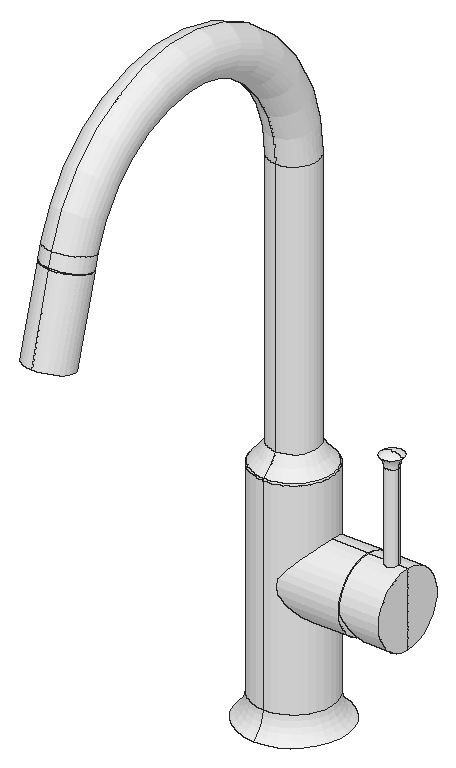
Revit family "Faucet_Single_Control-American_Standard-Pekoe-4332.310", category Plumbing Fixtures, Revit 2019
Family settings
  Round Connector Dimension = Use Diameter
  Part Type = Normal
  OmniClass Number = 23.45.55.14
  OmniClass Title = Single Faucets
  Work Plane-Based = Yes
  Always vertical = No
  Cut with Voids When Loaded = No
  Shared = Yes
  Room Calculation Point = No
Parameters (values of type "4332.310.002")
  Width = 2"
  Waste Connection = no
  WFU = 0
  Vent Connection = no
  URL = "http://www.americanstandard-us.com/"
  Revised Date = "01/27/2017"  # constant formula
  Product URL = "https://www.americanstandard-us.com/kitchens/kitchen-faucets/pekoe-1-handle-bar-sink-faucet-18598"
  Product Documentation Link = "https://www.americanstandard-us.com/-/media/sites/asus/files/product-specs/bulk/specsheet4332400.pdf?la=en"
  Model = "4332.310.002"
  Material = "Brass-American Standard-002-Polished Chrome"
  Manufacturer = "American Standard "
  Length = 5 3/4"
  Height = 10 3/4"
  HWFU = 1.5
  HW Connection = yes
  Finish = Brass-American Standard-002-Polished Chrome
  Description = "Pekoe Single Control Bar Faucet With Hi-Flow Spout."
  Default Elevation = 0"
  CWFU = 1.5
  CW Connection = yes
  Assembly Code = "D2020300"
  ADA Compliant = yes
Types (3): name | Model | Material | Finish
  (no name) | "4332.310.002" | "Brass-American Standard-002-Polished Chrome" | Brass-American Standard-002-Polished Chrome
  4332.310.002 | "4332.310.002" | "Brass-American Standard-002-Polished Chrome" | Brass-American Standard-002-Polished Chrome
  4332.310.075 | "4332.310.075" | "Brass-American Standard-075-Stainless Steel" | Brass-American Standard-075-Stainless Steel
Reference planes (in)
  plane 1 "Center (Front/Back)": y = 0
  plane 2: z = 0
  plane 3 "Center (Left/Right)": x = 0
  plane 4: x = 2.16093
  plane 5: z = 14.75
  plane 6: y = -6.75
  plane 7: z = 9.875
Forms (in)
  Revolve 1, solid, material "Brass-American Standard-002-Polished Chrome" <- "Finish"
    sketch origin (0, 0, 0) x (0, 1, 0) y (0, 0, 1)
      loop
        line (0, 5.45) -> (0, 0) -> (1.10594, 0)
        arc (1.10594, 0) -> (0.90914, 0.21773) -> (0.82878, 0.5) r 0.64702
        line (0.82878, 0.5) -> (0.82878, 5.01378)
        arc (0.82878, 5.01378) -> (0.82476, 5.03293) -> (0.81339, 5.04885) r 0.04767
        arc (0.81339, 5.04885) -> (0.64024, 5.23657) -> (0.5, 5.45) r 1.5613
        line (0.5, 5.45) -> (0, 5.45)
      axis (0, 5.45) -> (0, 0)
    angle from 0 to 360
  Sweep 2, solid, material "Brass-American Standard-002-Polished Chrome" <- "Finish"
    path origin (0, 0, 4) x (0, 1, 0) y (0, 0, 1)
      loop
        line (-6.73425, 5.875) -> (-6.16014, 7.95296)
        arc (-6.16014, 7.95296) -> (-2.71522, 10.22589) -> (0, 7.11763) r 3.13671
        line (0, 7.11763) -> (0, 1.03488)
    profile origin (0, 0, 8.07625) x (1, 0, 0) y (0, 1, 0)
      loop
        circle (0, 0) r 0.5
  Revolve 3, solid, material "Brass-American Standard-002-Polished Chrome" <- "Finish"
    sketch origin (0, 0, 0) x (1, 0, 0) y (0, 0, 1)
      loop
        line (1.62468, 3) -> (0, 3) -> (0, 2.20303) -> (1.62468, 2.20303) -> (1.62468, 3)
      loop
        line (2.50468, 2.20303) -> (2.50468, 3) -> (1.64819, 3) -> (1.64819, 2.20303) -> (2.50468, 2.20303)
      axis (0, 3) -> (2.50468, 3)
    angle from 0 to 360
  Revolve 4, solid, material "Brass-American Standard-002-Polished Chrome" <- "Finish"
    sketch origin (0.15625, 0, 0) x (1, 0, 0) y (0, 0, 1)
      loop
        arc (2.00468, 6) -> (1.88013, 5.98254) -> (1.76804, 5.92547) r 0.38095
        arc (1.76804, 5.92547) -> (1.8395, 5.82296) -> (1.86468, 5.70057) r 0.31
        line (1.86468, 5.70057) -> (1.86468, 3.73289) -> (2.00468, 3.73289) -> (2.00468, 6)
      axis (2.00468, 6) -> (2.00468, 3.73289)
    angle from 0 to 360
  Revolve 5, solid, material "Brass-American Standard-002-Polished Chrome" <- "Finish"
    sketch origin (0, 0, 0) x (1, 0, 0) y (0, 0, 1)
      loop
        arc (0.84627, 3) -> (1.54067, 2.3056) -> (2.23507, 3) r 0.6944
        line (2.23507, 3) -> (0.84627, 3)
      axis (2.23507, 3) -> (0.84627, 3)
    angle from 0 to 360
  Extrusion 6, void
    sketch origin (0.125, 0, 0) x (1, 0, 0) y (0, 0, 1)
      loop
        line (1.49968, 2.15192) -> (2.02148, 2.15192) -> (1.49968, 2.98697) -> (1.49968, 2.15192)
    from -0.91872 to 0.98047
  Extrusion 7, solid, material "Brass-American Standard-002-Polished Chrome" <- "Finish"
    sketch origin (0, 0, 0) x (1, 0, 0) y (0, 1, 0)
      loop
        circle (-0.30061, 0) r 0.1875
      loop
        circle (0.30061, 0) r 0.1875
    from 0 to 0.5
  Extrusion 8, void
    sketch origin (0, -9.09369, 1.33516) x (1, 0, 0) y (0, 0.963888, -0.266308)
      loop
        circle (0, 0) r 0.48279
      loop
        circle (0, 0) r 0.55425
    from 10.68063 to 10.71321
Cuts and joins
  Extrusion 6 cuts Revolve 1
  Extrusion 6, Extrusion 8 cuts Sweep 2
  Extrusion 6 cuts Revolve 3
  Extrusion 6 cuts Revolve 4
  joined: Revolve 1, Sweep 2, Revolve 3, Revolve 4, Extrusion 7
Lines and regions (in)
  Masking region 1
    outline origin (0, 0, 0) x (1, 0, 0) y (0, 1, 0)
      loop
        line (-0.5, -0.98646) -> (-0.5, -6.70411)
        spline (-0.5, -6.70411) -> (-0.48296, -6.82884) -> (-0.43301, -6.94508) -> (-0.35355, -7.04489) -> (-0.25, -7.12148) -> (-0.12941, -7.16963) -> (0, -7.18605) -> (0.12941, -7.16963) -> (0.25, -7.12148) -> (0.35355, -7.04489) -> (0.43301, -6.94508) -> (0.48296, -6.82884) -> (0.5, -6.70411)
        line (0.5, -6.70411) -> (0.5, -0.98646)
        arc (0.5, -0.98646) -> (0.64043, -0.90163) -> (0.76677, -0.79697) r 1.10594
        line (0.76677, -0.79697) -> (1.62468, -0.79697) -> (1.62468, -0.68896)
        arc (1.62468, -0.68896) -> (1.64322, -0.68682) -> (1.65962, -0.67791) r 0.04905
        line (1.65962, -0.67791) -> (1.65962, -0.79697) -> (2.50468, -0.79697) -> (2.50468, 0.79697) -> (1.65614, 0.79697) -> (1.65614, 0.68053)
        arc (1.65614, 0.68053) -> (1.64113, 0.68743) -> (1.62468, 0.68896) r 0.04905
        line (1.62468, 0.68896) -> (1.62468, 0.79697) -> (0.76677, 0.79697)
        arc (0.76677, 0.79697) -> (-0.90163, 0.64043) -> (-0.5, -0.98646) r 1.10594
  symbolic lines, detail levels medium+fine
    curve 1: arc (0.5, -0.66097, 0) -> (0, 0.82878, 0) -> (-0.5, -0.66097, 0) r 0.82878
    curve 2: line (0.5, 0, 0) -> (0.5, -0.98646, 0)
    curve 3: line (-0.5, 0, 0) -> (-0.5, -0.98646, 0)
    curve 4: arc (-0.5, 0, 0) -> (0, 0.5, 0) -> (0.5, 0, 0) r 0.5
    curve 5: line (0.76651, 0.79697, 0) -> (0.22741, 0.79697, 0)
    curve 6: line (0.76651, -0.79697, 0) -> (0.5, -0.79697, 0)
  symbolic lines, detail levels fine
    curve 7: spline (-0.50032, -6.06803, 0) -> (-0.48347, -6.19364, 0) -> (-0.43368, -6.31075, 0) -> (-0.35435, -6.41136, 0) -> (-0.25088, -6.48864, 0) -> (-0.13033, -6.5373, 0) -> (-0.0009, -6.55403, 0) -> (0.12858, -6.5377, 0) -> (0.24928, -6.48941, 0) -> (0.35299, -6.41246, 0) -> (0.43263, -6.31209, 0) -> (0.48278, -6.19513, 0) -> (0.50002, -6.06957, 0)
    curve 8: line (1.62468, -0.79697, 0) -> (1.62468, 0.79697, 0)
    curve 9: line (1.64819, -0.79697, 0) -> (1.64819, 0.79697, 0)
    curve 10: circle (2.16093, 0, 0) r 0.23664 normal (0, 0, 1)
Dimensions and locks (in)
  plane 1 "Center (Front/Back)" to plane 6 = 6 3/4"
  plane 5 to level = 14 3/4"
  plane 7 to level = 9 7/8"
Connectors (in)
  piping at (-0.30061, 0, 0), diameter 0.375, driven by "HWFU"
    settings: on Extrusion 7, index 1, connector inside diameter 609.6 mm, connector length 0", flow factor 0, pipe flow 0.0 L/s, pressure drop 0.0 Pa, fitting loss kfactor 0, connector angle 0.00°, fixture units 1.5, engagement length 0", angle of deflection 0.00°, flow configuration 3, flow direction 1, fitting loss method 0, system type 19, joint type 0, gender type 0, connector reference index -1, connector utility 0, adjustable connector no, is connector primary yes, connector description "3/8\" HW Supply Inlet"
  piping at (0.30061, 0, 0), diameter 0.375, driven by "CWFU"
    settings: on Extrusion 7, index 2, connector inside diameter 609.6 mm, connector length 0", flow factor 0, pipe flow 0.0 L/s, pressure drop 0.0 Pa, fitting loss kfactor 0, connector angle 0.00°, fixture units 1.5, engagement length 0", angle of deflection 0.00°, flow configuration 3, flow direction 1, fitting loss method 0, system type 20, joint type 0, gender type 0, connector reference index -1, connector utility 0, adjustable connector no, is connector primary no, connector description "3/8\" CW Supply Inlet"
